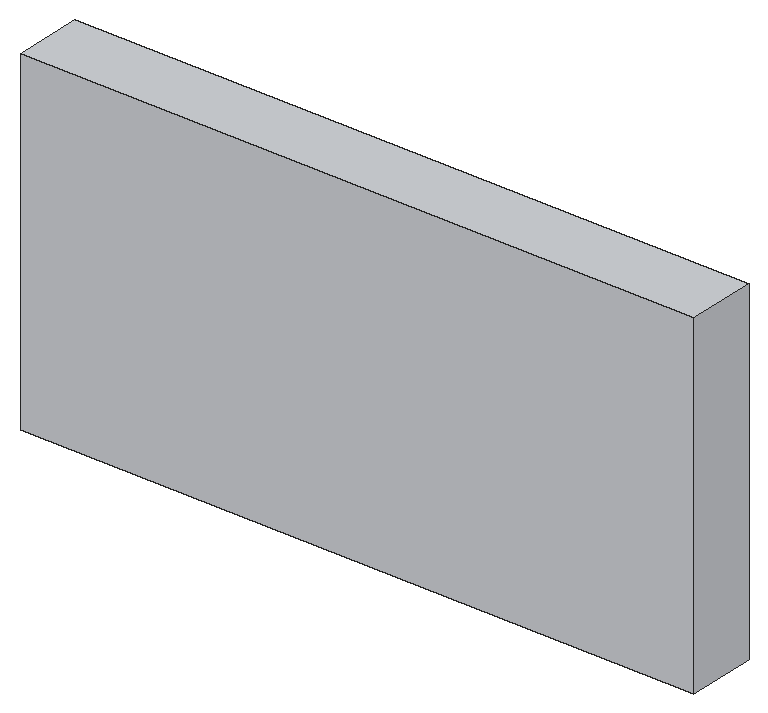
Revit family "HZG_Heizkörper Ventil VL+RL links", category HLS-Bauteile, Revit 2016
Family settings
  Teiletyp = Normal
  Bemaßung runder Anschluss = Radius verwenden
  Arbeitsebenenbasiert = Nein
  Immer vertikal = Ja
  Beim Laden mit Abzugskörper schneiden = Nein
  Gemeinsam genutzt = Nein
  Raumberechnungspunkt = Nein
Parameters (values of type "10/300/600")
  Typ_VDI2552 = "423.17"  # constant formula
  Model = ""
  Manufacturer = ""
  HZG_Leistung [instance] = 0
  HZG_IstHeizkörper [instance] = yes
  HZG_Exemplarleistung [instance] = 0
  HLS_Länge = Länge  # 600 mm
  HLS_Höhe = Höhe  # 300 mm
  HLS_Breite = Breite  # 61 mm
  Breite = 61 mm
  Wasserdruckverlust [instance] = 0.00 psi
  Massenstrom [instance] = 0 GPM
  Wandabstand = 20 mm
  Nennradius = 7.5 mm
  Nenndurchmesser = Nennradius * 2  # 15 mm
  Länge = 600 mm
  Höhe = 300 mm
  Heizleistung = 0.0 Btu/h
  ALG_ManufacturerCode = ""
Types (5, lengths in mm): name | Model | Manufacturer | HLS_Länge | HLS_Höhe | HLS_Breite | Breite | Länge | Höhe
  10/300/600 | "" | "" | 600 | 300 | 61 | 61 | 600 | 300
  12/400/800 | "" | "" | 800 | 400 | 64 | 64 | 800 | 400
  22/500/600 | "" | "" | 600 | 500 | 100 | 100 | 600 | 500
  10/300/600 CC | "12344" | "Zehnder" | 600 | 300 | 61 | 61 | 600 | 300
  12/400/1200 | "" | "" | 1200 | 400 | 64 | 64 | 1200 | 400
Reference planes
  plane 1 "Mitte (Vorne/Hinten)": y = 0
  plane 2: z = 0
  plane 3 "Mitte (Links/Rechts)": x = 0
  plane 4: y = -81
  plane 5: y = -50.5
  plane 6: y = -20
  plane 7: x = 300
  plane 8: z = 300
  plane 9: x = -300
  plane 10: z = 2
Forms (mm)
  Extrusion 1, solid, detail levels medium+fine
    sketch origin (0, 17.773, 0) x (0, -1, 0) y (1, 0, 0)
      loop
        line (37.773, 300) -> (37.773, -300) -> (98.773, -300) -> (98.773, 300) -> (37.773, 300)
    from 0 to 300
  Extrusion 2, solid, detail levels medium+fine
    sketch origin (-422.82, 17.773, 2) x (-1, 0, 0) y (0, -1, 0)
      loop
        circle (-162.82, 68.273) r 7.5
      loop
        circle (-202.82, 68.273) r 7.5
    from 0 to -2
Lines and regions (mm)
  model lines, detail levels coarse
    curve 1: line (300, -20, 0) -> (300, -81, 0)
    curve 2: line (-300, -20, 0) -> (300, -20, 0)
    curve 3: line (-300, -81, 0) -> (-300, -20, 0)
    curve 4: line (300, -81, 0) -> (-300, -81, 0)
  model lines, style "Symbol", detail levels coarse
    curve 5: line (300, -50.5, 300) -> (-300, -50.5, 300)
    curve 6: line (300, -50.5, 0) -> (300, -50.5, 300)
    curve 7: line (-300, -50.5, 0) -> (300, -50.5, 0)
    curve 8: line (-300, -50.5, 300) -> (-300, -50.5, 0)
    curve 9: line (0, -20, 300) -> (0, -81, 300)
    curve 10: line (0, -20, 0) -> (0, -20, 300)
    curve 11: line (0, -81, 0) -> (0, -20, 0)
    curve 12: line (0, -81, 300) -> (0, -81, 0)
Dimensions and locks
  equal spacing: plane 6, plane 5, plane 4
  "Breite": plane 6 to plane 4
  "Höhe": plane 8 to level
  "Länge": plane 7 to plane 9
  locked: Extrusion 1 to Extrusion 2 sketch curve at 80
  locked: Extrusion 1 to Extrusion 2 sketch curve at 40
  locked: plane 10 to level at 2
  "Wandabstand": plane 6 to plane 1 "Mitte (Vorne/Hinten)"
  equal spacing: plane 9, plane 3 "Mitte (Links/Rechts)", plane 7
  "Nennradius": radius of Extrusion 2 sketch curve  (x2)
  aligned and locked: plane 2 to level
  aligned and locked: Extrusion 1 sketch curve to plane 7
  aligned and locked: plane 6 to Extrusion 1 sketch curve
  aligned and locked: Extrusion 1 sketch curve to plane 4
  aligned and locked: Extrusion 1 to plane 9
  aligned and locked: Extrusion 1 to level
  aligned and locked: plane 8 to Extrusion 1
  aligned and locked: Extrusion 1 to plane 2
  aligned and locked: Extrusion 2 to level
  aligned and locked: plane 10 to Extrusion 2
  aligned and locked: curve 1 to Extrusion 1
  aligned and locked: curve 2 to Extrusion 1
  aligned and locked: curve 3 to Extrusion 1
  aligned and locked: curve 4 to Extrusion 1
  aligned and locked: curve 5 to Extrusion 1
  aligned and locked: curve 6 to Extrusion 1
  aligned and locked: curve 7 to curve 2
  aligned and locked: curve 8 to Extrusion 1
  aligned and locked: curve 9 to Extrusion 1
  aligned and locked: curve 10 to Extrusion 1
  aligned and locked: curve 11 to curve 1
  aligned and locked: curve 12 to Extrusion 1
Automatic sketch dimensions
  Extrusion 1 sketch curve to plane 9 = 0 mm
  plane 5 to Extrusion 2 sketch curve = 0 mm  (x2)
Connectors
  piping at (-260, -50.5, 0), diameter 15, driven by "Massenstrom", driven by "Wasserdruckverlust", driven by "Nennradius"
    settings: on Extrusion 2, index 1, connector inside diameter 15 mm, connector length 0 mm, flow factor 0, pipe flow 0 GPM, pressure drop 0.00 psi, fitting loss kfactor 0, connector angle 0.00°, fixture units 0, engagement length 0 mm, angle of deflection 0.00°, flow configuration 1, flow direction 2, fitting loss method 4, system type 8, joint type 0, gender type 0, connector reference index 2, connector utility 0, adjustable connector no, is connector primary yes, connector description ""
  piping at (-220, -50.5, 0), diameter 15, driven by "Massenstrom", driven by "Nennradius"
    settings: on Extrusion 2, index 2, connector inside diameter 15 mm, connector length 0 mm, flow factor 0, pipe flow 0 GPM, pressure drop 0.00 psi, fitting loss kfactor 0, connector angle 0.00°, fixture units 0, engagement length 0 mm, angle of deflection 0.00°, flow configuration 1, flow direction 1, fitting loss method 0, system type 7, joint type 0, gender type 0, connector reference index 1, connector utility 0, adjustable connector no, is connector primary no, connector description ""
